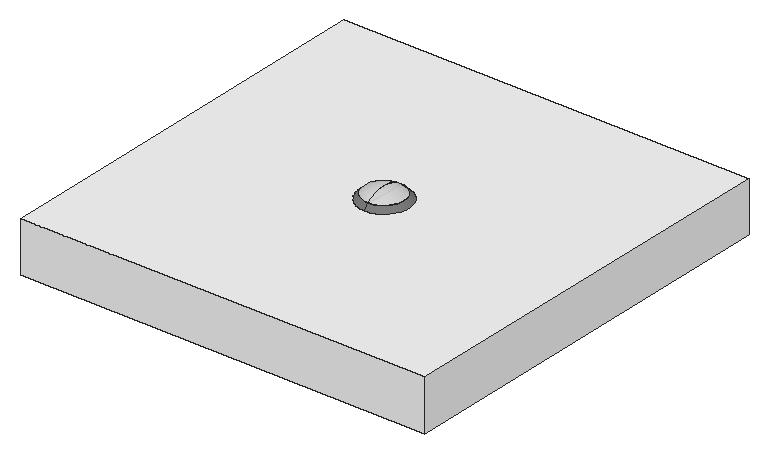
Revit family "Sarlam_Eclairage_Hublot_Chartres_Infini_T1_Diam_300mm_2000Lm", category Luminaires, Revit 2020
Family settings
  Hôte = Face
  Cote de connecteur circulaire = Utiliser le diamètre
  Type d'élément = Normal
  Couper avec des vides une fois chargée = Non
  Source d'éclairage = Oui
  Partagée = Non
  Point de calcul de pièce = Non
Parameters (values of type "Détection+Horloge ANTHRACITE")
  Zone plafond formes 1à7 [instance] = and(not(Diamètre externe = 328 mm), or([Standard Formes 1-3-6]), not([Afficher la zone de détection-pose murale]), [Afficher la zone de détection-pose plafond])  # no
  Zone murale formes 1à7 [instance] = and(not(Diamètre externe = 328 mm), or([Standard Formes 1-3-6]), [Afficher la zone de détection-pose murale], not([Afficher la zone de détection-pose plafond]))  # no
  Zone de détection = "Détection à 2,5m haut Plafond: Ø6m maxi Mur: Ellipse 16*17m"
  URL = "http://www.legrandoc.com/SL532077"
  Type de variation = "Autre"
  Type de tension = "CA"
  Tension nominale (Un) V MIN = 207
  Tension nominale (Un) V MAX = 253
  built-in parameter 1150107 = 3200 (stored number, unit not read)
  Température de couleur K MIN = 4000
  Température de couleur K MAX = 4000
  Standard Formes 1-3-6 = yes
  Source lumineuse = "Led non interchangeable"
  Répartition lumineuse = "Symétrique"
  Puissance du système W = 28
  Puissance de la source lumineuse W = ""
  Puissance de la lampe en Multiwatt = "21/39W"
  Wattage = 9.2903 W
  built-in parameter 1150110 = 1 (stored number, unit not read)
  built-in parameter 1150109 = 1 (stored number, unit not read)
  built-in parameter 1114218 = 1 (stored number, unit not read)
  built-in parameter 1150113 = 1 (stored number, unit not read)
  built-in parameter 1150112 = 1 (stored number, unit not read)
  built-in parameter 1150137 = (empty or 0)
  built-in parameter 1150132 = (empty or 0)
  Modèle = "SL-532077"
  Longueur d'encastrement = 0 mm
  Longueur = 300 mm
  Largeur d'encastrement = 300 mm
  Largeur = 300 mm
  built-in parameter 1150105 = 419.79 (stored number, unit not read)
  built-in parameter 1150102 = (empty or 0)
  Hauteur/profondeur d'encastrement = 0 mm
  Hauteur/profondeur = 70 mm
  Dimming Lamp Color Temperature Shift = (empty or 0)
  Lumens = 1380 lm
  Color Filter = 16777215
  Fichier de distribution photométrique = "SL532018.ies"
  built-in parameter 1114217 = 1 (stored number, unit not read)
  built-in parameter 1150139 = (empty or 0)
  Fabricant = "LEGRAND"
  Emettre à partir du diamètre du cercle = 200 mm
  Emettre la visibilité des formes dans le rendu = no
  built-in parameter 1150104 = 13.8 (stored number, unit not read)
  built-in parameter 1150106 = 4.1979 (stored number, unit not read)
  built-in parameter 1150115 = 1 (stored number, unit not read)
  built-in parameter 1150114 = 1 (stored number, unit not read)
  Diamètre externe = 300 mm
  Diamètre d'encastrement = 0 mm
  Description = "CHARTRES INFINI 2000LM 4000K  STD DETECTION HF + HORLOGE ANTHRACITE"
  built-in parameter 1150138 = (empty or 0)
  built-in parameter 1150134 = 3
  Condition Générale d'Utilisation = "https://export.legrand.com/CGU-objets-BIM"
  Angle de l'inclinaison = 0.00°
  Afficher la zone de détection-pose plafond [instance] = no
  Afficher la zone de détection-pose murale [instance] = no
  Matériau du boîtier/corps = Plastique
  Indice de rendu des couleurs CRI = "80-89"
  Indice de protection contre les chocs (IK) = "IK10"
  Indice de protection (IP) = "IP55"
  Flux lumineux utile lm = 2000
  Elévation par défaut = 2500 mm
  Douille = "Sans"
  Courant nominal mA MIN = 110
  Courant nominal mA MAX = 135
  Couleur du boîtier/corps = LEGRAND - Anthracite
  Classe de protection = "II"
  Avec détecteur de mouvement = yes
  Avec détecteur crépusculaire = yes
  Appareillage = "Appareil à LED commandé en courant"
  Angle du faisceau = "Faisceau libre"
  Afficher l'étiquette de zone [instance] = no
  Adapté à une suspension = no
  Adapté à un montage encastré = no
  Adapté à un montage en saillie = yes
  Adapté à un montage en applique = yes
  Adapté à un montage au plafond = yes
  built-in parameter 1150133 = 10 (stored number, unit not read)
Types (12, lengths in mm): name | Zone de détection | URL | Type de variation | Puissance du système W | Modèle | Description | Courant nominal mA MIN | Courant nominal mA MAX | Couleur du boîtier/corps | Avec détecteur de mouvement | Avec détecteur crépusculaire
  ON/OFF BLANC | "" | "http://www.legrandoc.com/SL532018" | "Non régulable" | 27 | "SL-532018" | "CHARTRES INFINI 2000LM 4000K STANDARD ON/OFF BLANC" | 106 | 131 | LEGRAND - Blanc | no | no
  ON/OFF ANTHRACITE | "" | "http://www.legrandoc.com/SL532019" | "Non régulable" | 27 | "SL-532019" | "CHARTRES INFINI 2000LM 4000K STANDARD ON/OFF ANTHRACITE" | 106 | 131 | LEGRAND - Anthracite | no | no
  ON/OFF GRIS METAL | "" | "http://www.legrandoc.com/SL532020" | "Non régulable" | 27 | "SL-532020" | "CHARTRES INFINI 2000LM 4000K STANDARD ON/OFF GRIS METAL" | 106 | 131 | LEGRAND - Gris métal | no | no
  Détection BLANC | "Détection à 2,5m haut Plafond: Ø6m maxi Mur: Ellipse 16*17m" | "http://www.legrandoc.com/SL532058" | "Autre" | 28 | "SL-532058" | "CHARTRES INFINI 2000LM 4000K  STANDARD DETECTION HF BLANC" | 110 | 135 | LEGRAND - Blanc | yes | yes
  Détection ANTHRACITE | "Détection à 2,5m haut Plafond: Ø6m maxi Mur: Ellipse 16*17m" | "http://www.legrandoc.com/SL532059" | "Autre" | 28 | "SL-532059" | "CHARTRES INFINI 2000LM 4000K  STANDARD DETECTION HF ANTHRACITE" | 110 | 135 | LEGRAND - Anthracite | yes | yes
  Détection GRIS METAL | "Détection à 2,5m haut Plafond: Ø6m maxi Mur: Ellipse 16*17m" | "http://www.legrandoc.com/SL532060" | "Autre" | 28 | "SL-532060" | "CHARTRES INFINI 2000LM 4000K  STANDARD DETECTION HF GRIS METAL" | 110 | 135 | LEGRAND - Gris métal | yes | yes
  Détection+Horloge BLANC | "Détection à 2,5m haut Plafond: Ø6m maxi Mur: Ellipse 16*17m" | "http://www.legrandoc.com/SL532076" | "Autre" | 28 | "SL-532076" | "CHARTRES INFINI 2000LM 4000K  STD DETECTION HF + HORLOGE BLANC" | 110 | 135 | LEGRAND - Blanc | yes | yes
  Détection+Horloge ANTHRACITE | "Détection à 2,5m haut Plafond: Ø6m maxi Mur: Ellipse 16*17m" | "http://www.legrandoc.com/SL532077" | "Autre" | 28 | "SL-532077" | "CHARTRES INFINI 2000LM 4000K  STD DETECTION HF + HORLOGE ANTHRACITE" | 110 | 135 | LEGRAND - Anthracite | yes | yes
  Détection+Horloge GRIS METAL | "Détection à 2,5m haut Plafond: Ø6m maxi Mur: Ellipse 16*17m" | "http://www.legrandoc.com/SL532078" | "Autre" | 28 | "SL-532078" | "CHARTRES INFINI 2000LM 4000K  STD DETECTION HF + HORLOGE GRIS METAL" | 110 | 135 | LEGRAND - Gris métal | yes | yes
  Double niveau/Minuterie BLANC | "" | "http://www.legrandoc.com/SL532093" | "Autre" | 28 | "SL-532093" | "CHARTRES INFINI 2000LM 4000K STD DOUBLE NIVEAU/MINUTERIE BLANC" | 110 | 135 | LEGRAND - Blanc | no | no
  Double niveau/Minuterie ANTHRACITE | "" | "http://www.legrandoc.com/SL532094" | "Autre" | 28 | "SL-532094" | "CHARTRES INFINI 2000LM 4000K  STD DOUBLE NIVEAU/MINUTERIE ANTHRACITE" | 110 | 135 | LEGRAND - Anthracite | no | no
  Double niveau/Minuterie GRIS METAL | "" | "http://www.legrandoc.com/SL532095" | "Autre" | 28 | "SL-532095" | "CHARTRES INFINI 2000LM 4000K STD DOUBLE NIVEAU/MINUTERIE GRIS METAL" | 110 | 135 | LEGRAND - Gris métal | no | no
Reference planes
  plane 1 "Centre (avant/arrière)": y = 0
  plane 2: z = 0
  plane 3 "Centre (gauche/droite)": x = 0
  plane 4: z = 90
Forms (mm)
  Extrusion 1, solid, material "Blanc"
    sketch origin (0, 0, 0) x (1, 0, 0) y (0, 1, 0)
      loop
        line (-1219.2, 1219.2) -> (-1219.2, -1219.2) -> (1219.2, -1219.2) -> (1219.2, 1219.2) -> (-1219.2, 1219.2)
    from 0 to -304.8
Lines and regions (mm)
  model lines, style "LightingFixtures", not visible
    curve 1: line (0, 0, 0) -> (0, 0, 2230)
    curve 2: line (0, 0, 0) -> (0, 3300, 0)
    curve 3: line (0, 0, 0) -> (-2620, 0, 0)
Dimensions and locks
  level to plane 4 = 90 mm
  aligned and locked: plane 2 to Extrusion 1
  aligned and locked: level to Extrusion 1
  aligned and locked: imposter light to plane 4
  aligned and locked: plane 3 "Centre (gauche/droite)" to imposter light
Nested families
  nested 1: "Zone de détection murale Chartres-Astreo" at (0, 0, 0) x (0, 0, 1) z (0, -1, 0), visible <- "Afficher la zone de détection-pose murale", type "Zone de détection murale"
  nested 2: "Formes 1-2-3-4-6-7-8-9" at (0, 0, 0), type "Formes"
    with Standard Formes 1-3-6 yes, Fl 70 mm, Dimension hublot 121.1 mm, Diamètre total 300 mm, Courbure 195.7 mm
  nested 3: "Zone de détection plafond Chartres-Astreo" at (0, 0, 2500), visible <- "Afficher la zone de détection-pose plafond", type "Zone de détection plafond"
    with Zone plafond Formes 8à9 no
  nested 4: "Zone de détection murale Chartres-Astreo" at (0, 0, 0) x (0, 0, 1) z (1, 0, 0), visible <- "Afficher la zone de détection-pose murale", type "Zone de détection murale"
  nested 5: "Etiquette de zone" at (-13.45, 203.791, 0) x (-1, 0, 0) z (0, 0, 1), visible <- "Afficher l'étiquette de zone", type "Etiquette de zone"
Connectors
  electrical at (0, 0, 0)
    settings: on nested 2, index 1, voltage 230 V, apparent load 0 VA, apparent load phase1 0 VA, apparent load phase2 0 VA, apparent load phase3 0 VA, power factor 1, load classification "Eclairage", number of poles 1, system type 30, power factor state 1, is connector primary yes, connector utility no, sub classification motor no, connector description ""
Definition of nested family "Formes 1-2-3-4-6-7-8-9"
  Parameters (values of type "Formes")
    Standard Forme 8 = no
    Standard Formes 1-3-6 = no
    Matériau hublot = none
    Matériau corps = none
    Fl = if(Diamètre total < 325 mm, 70 mm, if(Diamètre total = 328 mm, 107 mm, 90 mm))  # 107 mm
    Default Elevation = 0 mm
    Dimension hublot = if(Diamètre total = 300 mm, 121.1 mm, if(Diamètre total = 322 mm, 129.3 mm, if(Diamètre total = 328 mm, 148.6 mm, if(Diamètre total = 420 mm, 179.2 mm, 185.3 mm))))  # 148.6 mm
    Diamètre total = 328 mm
    Courbure = if(Diamètre total = 300 mm, 195.7 mm, if(Diamètre total = 322 mm, 220.2 mm, if(Diamètre total = 328 mm, 179.2 mm, if(Diamètre total = 420 mm, 290 mm, 307.8 mm))))  # 179.2 mm
    Couleur corps = none
    Antivandale Forme 9 = no
    Antivandale Formes 2-4-7 = no
  Reference planes
    plane 1 "Centre (avant/arrière)": y = 0
    plane 2: z = 0
    plane 3 "Centre (gauche/droite)": x = 0
    plane 4: y = 164
    plane 5: y = -164
    plane 6: y = 148.6
  Forms (mm)
    Revolve 1, solid, material <- "Matériau hublot"
      sketch origin (0, 0, 0) x (0, 0, -1) y (0, 1, 0)
        loop
          arc (-28, 148.6) -> (-86.03, 84.151) -> (-107, 0) r 179.2
          line (-107, 0) -> (-28, 0) -> (-28, 148.6)
        axis (-28, 0) -> (-107, 0)
      angle from 0 to 360
  Dimensions and locks
    equal spacing: plane 4, plane 1 "Centre (avant/arrière)", plane 5
    "Diamètre total": plane 4 to plane 5
    equal spacing: plane 5, plane 1 "Centre (avant/arrière)", plane 4
    "Dimension hublot": plane 1 "Centre (avant/arrière)" to plane 6
    "Fl": Revolve 1 sketch curve to plane 2
    "Courbure": radius of Revolve 1 sketch curve
    aligned and locked: level to plane 2
    aligned and locked: plane 6 to Revolve 1 sketch curve
    aligned and locked: plane 2 to nested 2
  Automatic sketch dimensions
    Revolve 1 sketch curve to plane 1 "Centre (avant/arrière)" = 0 mm  (x2)
    level to Revolve 1 sketch curve = 28 mm
    Revolve 1 sketch curve to Revolve 1 sketch curve = 1811.469 mm
    Revolve 1 sketch curve to Revolve 1 sketch curve = 1147.22 mm
  Nested families
    nested 1: "Corps standard Formes 1-3-6" at (0, 0, 0), visible <- "Standard Formes 1-3-6", type "Corps standard Formes 1-3-6"
      with Diamètre 328 mm
    nested 2: "Corps antivandale Formes 2-4-7" at (0, 0, 0), visible <- "Antivandale Formes 2-4-7", type "Corps antivandale Formes 2-4-7"
      with Diamètre 328 mm
    nested 3: "Corps standard Forme 8" at (0, 0, 0), visible <- "Standard Forme 8", type "Corps standard Forme 8"
    nested 4: "Corps antivandale Forme 9" at (0, 0, 0), visible <- "Antivandale Forme 9", type "Corps antivandale Forme 9"
  Definition of nested family "Corps standard Formes 1-3-6"
    Parameters (values of type "Corps standard")
      Matériau corps = none
      Default Elevation = 0 mm
      Couleur corps = none
      Diamètre = 322 mm
      Courbure = if(Diamètre < 400 mm, 195.7 mm, 290 mm)  # 195.7 mm
    Reference planes
      plane 1 "Centre (avant/arrière)": y = 0
      plane 2: z = 0
      plane 3 "Centre (gauche/droite)": x = 0
      plane 4: y = 161
      plane 5: y = -161
      plane 6: z = 28
    Forms (mm)
      Revolve 1, solid, material <- "Couleur corps"
        sketch origin (0, 0, 0) x (0, 0, -1) y (0, 1, 0)
          loop
            line (0, 0) -> (0, 161)
            arc (0, 161) -> (-14.55, 149.906) -> (-28, 137.502) r 195.7
            line (-28, 137.502) -> (-28, 0) -> (0, 0)
          axis (0, 0) -> (-28, 0)
        angle from 0 to 360
    Dimensions and locks
      equal spacing: plane 4, plane 1 "Centre (avant/arrière)", plane 5
      "Diamètre": plane 4 to plane 5
      equal spacing: plane 5, plane 1 "Centre (avant/arrière)", plane 4
      "Courbure": radius of Revolve 1 sketch curve
      aligned and locked: level to plane 2
      aligned and locked: plane 2 to Revolve 1  (x2)
      aligned and locked: Revolve 1 to plane 2
      aligned and locked: plane 6 to Revolve 1
    Automatic sketch dimensions
      Revolve 1 sketch curve to plane 1 "Centre (avant/arrière)" = 0 mm  (x3)
      Revolve 1 sketch curve to plane 6 = 0 mm
      Revolve 1 sketch curve to level = 0 mm
      Revolve 1 sketch curve to plane 4 = 0 mm
      plane 6 to Revolve 1 sketch curve = 1833.51 mm
      Revolve 1 sketch curve to Revolve 1 sketch curve = 1167.217 mm
  Definition of nested family "Corps antivandale Formes 2-4-7"
    Parameters (values of type "Corps antivandale")
      Rayon réseau vis = if(Diamètre < 400 mm, 137.2 mm, 193.2 mm)  # 137.2 mm
      Matériau corps = none
      Default Elevation = 0 mm
      Diamètre = 322 mm
      Courbure = if(Diamètre < 400 mm, 220.2 mm, 307.8 mm)  # 220.2 mm
      Couleur corps = none
    Reference planes
      plane 1 "Centre (avant/arrière)": y = 0
      plane 2: z = 0
      plane 3 "Centre (gauche/droite)": x = 0
      plane 4: y = 161
      plane 5: y = -161
      plane 6: z = 28
      plane 7: through (0, 0, 1200) normal (0.5, 0.866, 0)
      plane 8: through (0, 0, 1200) normal (0.5, -0.866, 0)
    Forms (mm)
      Revolve 1, solid, material <- "Couleur corps"
        sketch origin (0, 0, 0) x (0, 0, -1) y (0, 1, 0)
          loop
            line (0, 0) -> (0, 161)
            arc (0, 161) -> (-14.762, 145.835) -> (-28, 129.323) r 220.2
            line (-28, 129.323) -> (-28, 0) -> (0, 0)
          axis (0, 0) -> (-28, 0)
        angle from 0 to 360
      Extrusion 2, solid, material <- "Couleur corps"
        sketch origin (0, -0.04, 0) x (1, 0, 0) y (0, 1, 0)
          loop
            line (-4, 129.32) -> (-4, 137.3)
            arc (-4, 137.3) -> (0, 141.3) -> (4, 137.3) r 4
            line (4, 137.3) -> (4, 129.32)
            arc (4, 129.32) -> (5, 129.285) -> (6, 129.243) r 129.323
            line (6, 129.243) -> (6, 137.3)
            arc (6, 137.3) -> (0, 143.3) -> (-6, 137.3) r 6
            line (-6, 137.3) -> (-6, 129.243)
            arc (-6, 129.243) -> (-5, 129.285) -> (-4, 129.32) r 129.323
        from 15.189 to 28
      Extrusion 3, solid, material <- "Couleur corps"
        sketch origin (-0.035, 0.02, 0) x (-0.5, -0.866025, 0) y (0.866025, -0.5, 0)
          loop
            line (-4, 129.32) -> (-4, 137.3)
            arc (-4, 137.3) -> (0, 141.3) -> (4, 137.3) r 4
            line (4, 137.3) -> (4, 129.32)
            arc (4, 129.32) -> (5, 129.285) -> (6, 129.243) r 129.323
            line (6, 129.243) -> (6, 137.3)
            arc (6, 137.3) -> (0, 143.3) -> (-6, 137.3) r 6
            line (-6, 137.3) -> (-6, 129.243)
            arc (-6, 129.243) -> (-5, 129.285) -> (-4, 129.32) r 129.323
        from 15.189 to 28
      Extrusion 4, solid, material <- "Couleur corps"
        sketch origin (0.035, 0.02, 0) x (-0.5, 0.866025, 0) y (-0.866025, -0.5, 0)
          loop
            line (-4, 129.32) -> (-4, 137.3)
            arc (-4, 137.3) -> (0, 141.3) -> (4, 137.3) r 4
            line (4, 137.3) -> (4, 129.32)
            arc (4, 129.32) -> (5, 129.285) -> (6, 129.243) r 129.323
            line (6, 129.243) -> (6, 137.3)
            arc (6, 137.3) -> (0, 143.3) -> (-6, 137.3) r 6
            line (-6, 137.3) -> (-6, 129.243)
            arc (-6, 129.243) -> (-5, 129.285) -> (-4, 129.32) r 129.323
        from 15.189 to 28
      Revolve 5, solid
        sketch origin (0, 0.018, -12.656) x (0, 1, 0) y (0, 0, 1)
          loop
            line (136.525, 38.942) -> (136.525, 29.094) -> (136.962, 29.907) -> (137.751, 35.518) -> (140.148, 38.942) -> (136.525, 38.942)
          axis (136.525, 29.094) -> (136.525, 38.942)
        angle from 0 to 360
      Revolve 6, solid
        sketch origin (0.016, -0.009, -12.656) x (0.866025, -0.5, 0) y (0, 0, 1)
          loop
            line (136.525, 38.942) -> (136.525, 29.094) -> (136.962, 29.907) -> (137.751, 35.518) -> (140.148, 38.942) -> (136.525, 38.942)
          axis (136.525, 29.094) -> (136.525, 38.942)
        angle from 0 to 360
      Revolve 7, solid
        sketch origin (-0.016, -0.009, -12.656) x (-0.866025, -0.5, 0) y (0, 0, 1)
          loop
            line (136.525, 38.942) -> (136.525, 29.094) -> (136.962, 29.907) -> (137.751, 35.518) -> (140.148, 38.942) -> (136.525, 38.942)
          axis (136.525, 29.094) -> (136.525, 38.942)
        angle from 0 to 360
    Cuts and joins
      joined: Revolve 1, Extrusion 2
    Lines and regions (mm)
      model lines
        curve 1: line (-2.5, 136.543, 26.285) -> (2.5, 136.543, 26.285)
        curve 2: line (0, 138.995, 26.285) -> (0, 133.995, 26.285)
        curve 3: line (119.5, -66.107, 26.285) -> (117, -70.437, 26.285)
        curve 4: line (120.373, -69.497, 26.285) -> (116.043, -66.997, 26.285)
        curve 5: line (-117, -70.437, 26.285) -> (-119.5, -66.107, 26.285)
        curve 6: line (-120.373, -69.497, 26.285) -> (-116.043, -66.997, 26.285)
    Dimensions and locks
      equal spacing: plane 4, plane 1 "Centre (avant/arrière)", plane 5
      "Diamètre": plane 4 to plane 5
      equal spacing: plane 5, plane 1 "Centre (avant/arrière)", plane 4
      "Courbure": radius of Revolve 1 sketch curve
      "Rayon réseau vis": radius of radial array
      aligned and locked: level to plane 2
      aligned and locked: plane 2 to Revolve 1  (x2)
      aligned and locked: Revolve 1 to plane 2
      aligned and locked: plane 6 to Revolve 1
    Automatic sketch dimensions
      Extrusion 2 sketch curve to Extrusion 2 sketch curve = 0 mm  (x9)
      Extrusion 2 sketch curve to Extrusion 2 sketch curve = 7.98 mm
      Extrusion 2 sketch curve to Extrusion 2 sketch curve = 0.077 mm
      Extrusion 2 sketch curve to Extrusion 2 sketch curve = 2 mm
      Extrusion 2 sketch curve to Extrusion 2 sketch curve = 4 mm
      Extrusion 2 sketch curve to Extrusion 2 sketch curve = 6 mm
      Extrusion 3 sketch curve to Extrusion 3 sketch curve = 0 mm  (x9)
      Extrusion 3 sketch curve to Extrusion 3 sketch curve = 7.98 mm
      Extrusion 3 sketch curve to Extrusion 3 sketch curve = 0.077 mm
      Extrusion 3 sketch curve to Extrusion 3 sketch curve = 2 mm
      Extrusion 3 sketch curve to Extrusion 3 sketch curve = 4 mm
      Extrusion 3 sketch curve to Extrusion 3 sketch curve = 6 mm
      Extrusion 4 sketch curve to Extrusion 4 sketch curve = 0 mm  (x9)
      Extrusion 4 sketch curve to Extrusion 4 sketch curve = 7.98 mm
      Extrusion 4 sketch curve to Extrusion 4 sketch curve = 0.077 mm
      Extrusion 4 sketch curve to Extrusion 4 sketch curve = 2 mm
      Extrusion 4 sketch curve to Extrusion 4 sketch curve = 4 mm
      Extrusion 4 sketch curve to Extrusion 4 sketch curve = 6 mm
      Revolve 7 sketch curve to Revolve 7 sketch curve = 0.437 mm  (x2)
      Revolve 7 sketch curve to Revolve 7 sketch curve = 1.226 mm  (x2)
      Revolve 7 sketch curve to Revolve 7 sketch curve = 2.397 mm
      Revolve 7 sketch curve to Revolve 7 sketch curve = 0.813 mm  (x2)
      Revolve 7 sketch curve to Revolve 7 sketch curve = 5.611 mm  (x2)
      Revolve 7 sketch curve to Revolve 7 sketch curve = 3.424 mm  (x2)
      Revolve 7 sketch curve to Revolve 7 sketch curve = 0 mm  (x2)
      Revolve 7 sketch curve to Revolve 7 sketch curve = 0.975 mm
      Revolve 7 sketch curve to Revolve 7 sketch curve = 3.281 mm  (x2)
      Revolve 5 sketch curve to Revolve 5 sketch curve = 0.437 mm  (x2)
      Revolve 5 sketch curve to Revolve 5 sketch curve = 1.226 mm  (x2)
      Revolve 5 sketch curve to Revolve 5 sketch curve = 3.623 mm
      Revolve 5 sketch curve to Revolve 5 sketch curve = 5.611 mm  (x2)
      Revolve 5 sketch curve to Revolve 5 sketch curve = 3.424 mm  (x2)
      Revolve 5 sketch curve to Revolve 5 sketch curve = 0 mm  (x2)
      Revolve 5 sketch curve to Revolve 5 sketch curve = 0.813 mm  (x2)
      Revolve 5 sketch curve to Revolve 5 sketch curve = 0.162 mm
      Revolve 5 sketch curve to Revolve 5 sketch curve = 3.281 mm  (x2)
      Revolve 6 sketch curve to Revolve 6 sketch curve = 0.437 mm  (x2)
      Revolve 6 sketch curve to Revolve 6 sketch curve = 1.226 mm  (x2)
      Revolve 6 sketch curve to Revolve 6 sketch curve = 3.623 mm
      Revolve 6 sketch curve to Revolve 6 sketch curve = 5.611 mm  (x2)
      Revolve 6 sketch curve to Revolve 6 sketch curve = 3.424 mm  (x2)
      Revolve 6 sketch curve to Revolve 6 sketch curve = 0 mm  (x2)
      Revolve 6 sketch curve to Revolve 6 sketch curve = 0.813 mm  (x2)
      Revolve 6 sketch curve to Revolve 6 sketch curve = 0.162 mm
      Revolve 6 sketch curve to Revolve 6 sketch curve = 3.281 mm  (x2)
      Revolve 7 sketch curve to Revolve 7 sketch curve = 3.623 mm
      Revolve 7 sketch curve to Revolve 7 sketch curve = 0.162 mm
      curve 2 to Revolve 5 = 0 mm
      curve 2 to curve 1 = 2.548 mm
      curve 1 to curve 2 = 2.452 mm
      Revolve 5 to curve 1 = 2.5 mm
      curve 1 to Revolve 5 = 2.5 mm
      curve 4 to Revolve 6 = 0 mm
      curve 4 to curve 3 = 2.548 mm
      curve 3 to curve 4 = 2.452 mm
      Revolve 6 to curve 3 = 2.5 mm
      curve 3 to Revolve 6 = 2.5 mm
      curve 6 to Revolve 7 = 0 mm
      curve 6 to curve 5 = 2.548 mm
      curve 5 to curve 6 = 2.452 mm
      Revolve 7 to curve 5 = 2.5 mm
      curve 5 to Revolve 7 = 2.5 mm
      Revolve 5 sketch curve to Revolve 5 sketch curve = 2.397 mm
      Revolve 5 sketch curve to Revolve 5 sketch curve = 0.975 mm
      Revolve 6 sketch curve to Revolve 6 sketch curve = 2.397 mm
      Revolve 6 sketch curve to Revolve 6 sketch curve = 0.975 mm
      Revolve 1 sketch curve to plane 1 "Centre (avant/arrière)" = 0 mm  (x3)
      Revolve 1 sketch curve to plane 6 = 0 mm
      Revolve 1 sketch curve to level = 0 mm
      Revolve 1 sketch curve to plane 4 = 0 mm
      plane 6 to Revolve 1 sketch curve = 1833.51 mm
      Revolve 1 sketch curve to Revolve 1 sketch curve = 1128.321 mm
  Definition of nested family "Corps standard Forme 8"
    Parameters (values of type "Corps standard Forme 8")
      Matériau corps = none
      Default Elevation = 0 mm
      Couleur corps = none
      Diamètre = 328 mm
    Reference planes
      plane 1 "Centre (avant/arrière)": y = 0
      plane 2: z = 0
      plane 3 "Centre (gauche/droite)": x = 0
      plane 4: y = 164
      plane 5: y = -164
      plane 6: z = 28
      plane 7: y = 7.5
      plane 8: y = -7.5
    Forms (mm)
      Revolve 1, solid, material <- "Couleur corps"
        sketch origin (0, 0, 0) x (0, 0, -1) y (0, 1, 0)
          loop
            line (0, 0) -> (0, 164)
            arc (0, 164) -> (-14.345, 156.905) -> (-28, 148.559) r 179.182
            line (-28, 148.559) -> (-28, 0) -> (0, 0)
          axis (0, 0) -> (-28, 0)
        angle from 0 to 360
      Sweep 2, void
        path origin (0, 0, 0) x (1, 0, 0) y (0, 1, 0)
          loop
            arc (153.049, 7.5) -> (0, 153.232) -> (-153.049, 7.5) r 153.232
        profile origin (0, 153.232, 0) x (0, -1, 0) y (0, 0, 1)
          loop
            line (-5.469, 6.213) -> (-10.469, 16.465) -> (-10.469, 6.213) -> (-5.469, 6.213)
      Sweep 3, void
        path origin (0, 0, 0) x (1, 0, 0) y (0, 1, 0)
          loop
            arc (153.049, 7.5) -> (0, 153.232) -> (-153.049, 7.5) r 153.232
        profile origin (0, 153.232, 0) x (0, -1, 0) y (0, 0, 1)
          loop
            line (-1.643, 13.471) -> (-6.643, 23.723) -> (-6.643, 13.471) -> (-1.643, 13.471)
      Sweep 4, void
        path origin (0, 0, 0) x (1, 0, 0) y (0, -1, 0)
          loop
            arc (153.049, 7.5) -> (0, 153.232) -> (-153.049, 7.5) r 153.232
        profile origin (0, -153.232, 0) x (0, -1, 0) y (0, 0, 1)
          loop
            line (1.643, 13.471) -> (6.643, 13.471) -> (6.643, 23.723) -> (1.643, 13.471)
      Sweep 5, void
        path origin (0, 0, 0) x (1, 0, 0) y (0, -1, 0)
          loop
            arc (153.049, 7.5) -> (0, 153.232) -> (-153.049, 7.5) r 153.232
        profile origin (0, -153.232, 0) x (0, -1, 0) y (0, 0, 1)
          loop
            line (5.469, 6.213) -> (10.469, 6.213) -> (10.469, 16.465) -> (5.469, 6.213)
    Cuts and joins
      Sweep 2, Sweep 3, Sweep 4, Sweep 5 cuts Revolve 1
    Dimensions and locks
      equal spacing: plane 4, plane 1 "Centre (avant/arrière)", plane 5
      "Diamètre": plane 4 to plane 5
      equal spacing: plane 5, plane 1 "Centre (avant/arrière)", plane 4
      aligned and locked: level to plane 2
      aligned and locked: plane 2 to Revolve 1  (x2)
      aligned and locked: Revolve 1 to plane 2
      aligned and locked: plane 6 to Revolve 1
    Automatic sketch dimensions
      Sweep 2 sketch curve to plane 7 = 0 mm  (x2)
      plane 1 "Centre (avant/arrière)" to Sweep 2 sketch curve = 0 mm
      Sweep 2 sketch curve to plane 3 "Centre (gauche/droite)" = 0 mm
      Sweep 2 sketch curve to plane 3 "Centre (gauche/droite)" = 153.049 mm
      Sweep 3 sketch curve to plane 7 = 0 mm  (x2)
      plane 1 "Centre (avant/arrière)" to Sweep 3 sketch curve = 0 mm
      Sweep 3 sketch curve to plane 3 "Centre (gauche/droite)" = 0 mm
      Sweep 3 sketch curve to plane 3 "Centre (gauche/droite)" = 153.049 mm
      Sweep 4 sketch curve to plane 8 = 0 mm  (x2)
      plane 1 "Centre (avant/arrière)" to Sweep 4 sketch curve = 0 mm
      Sweep 4 sketch curve to plane 3 "Centre (gauche/droite)" = 0 mm
      plane 3 "Centre (gauche/droite)" to Sweep 4 sketch curve = 153.049 mm
      Sweep 5 sketch curve to plane 8 = 0 mm  (x2)
      plane 1 "Centre (avant/arrière)" to Sweep 5 sketch curve = 0 mm
      Sweep 5 sketch curve to plane 3 "Centre (gauche/droite)" = 0 mm
      plane 3 "Centre (gauche/droite)" to Sweep 5 sketch curve = 153.049 mm
      Revolve 1 sketch curve to plane 1 "Centre (avant/arrière)" = 0 mm  (x3)
      Revolve 1 sketch curve to plane 6 = 0 mm
      Revolve 1 sketch curve to level = 0 mm
      Revolve 1 sketch curve to plane 4 = 0 mm
      Revolve 1 sketch curve to Revolve 1 sketch curve = 72.182 mm
      plane 6 to Revolve 1 sketch curve = 1833.51 mm
      Revolve 1 sketch curve to Revolve 1 sketch curve = 1201.817 mm
      profile plane to Sweep 2 sketch curve = 10.469 mm
      Sweep 2 sketch curve to Sweep 2 sketch curve = 5 mm
      level to Sweep 2 sketch curve = 6.213 mm
      Sweep 2 sketch curve to Sweep 2 sketch curve = 10.252 mm
      profile plane to Sweep 3 sketch curve = 6.643 mm
      profile plane to Sweep 3 sketch curve = 1.643 mm
      level to Sweep 3 sketch curve = 13.471 mm
      Sweep 3 sketch curve to Sweep 3 sketch curve = 10.252 mm
      Sweep 4 sketch curve to profile plane = 1.643 mm
      Sweep 4 sketch curve to profile plane = 6.643 mm
      level to Sweep 4 sketch curve = 13.471 mm
      Sweep 4 sketch curve to Sweep 4 sketch curve = 10.252 mm
      Sweep 5 sketch curve to profile plane = 5.469 mm
      Sweep 5 sketch curve to profile plane = 10.469 mm
      level to Sweep 5 sketch curve = 6.213 mm
      Sweep 5 sketch curve to Sweep 5 sketch curve = 10.252 mm
  Definition of nested family "Corps antivandale Forme 9"
    Parameters (values of type "Corps antivandale Forme 9")
      Matériau corps = none
      Default Elevation = 0 mm
      Couleur corps = none
      Diamètre = 328 mm
    Reference planes
      plane 1 "Centre (avant/arrière)": y = 0
      plane 2: z = 0
      plane 3 "Centre (gauche/droite)": x = 0
      plane 4: y = 164
      plane 5: y = -164
      plane 6: z = 28
      plane 7: y = 7.5
      plane 8: y = -7.5
    Forms (mm)
      Revolve 1, solid, material <- "Couleur corps"
        sketch origin (0, 0, 0) x (0, 0, -1) y (0, 1, 0)
          loop
            line (0, 0) -> (0, 164)
            arc (0, 164) -> (-14.345, 156.905) -> (-28, 148.559) r 179.182
            line (-28, 148.559) -> (-28, 0) -> (0, 0)
          axis (0, 0) -> (-28, 0)
        angle from 0 to 360
      Extrusion 2, void
        sketch origin (-1.406, 0, 0) x (1, 0, 0) y (0, 1, 0)
          loop
            circle (157.486, 0) r 5
        from 5.665 to 28
      Sweep 3, void
        path origin (0, 0, 0) x (1, 0, 0) y (0, 1, 0)
          loop
            arc (153.049, 7.5) -> (0, 153.232) -> (-153.049, 7.5) r 153.232
        profile origin (0, 153.232, 0) x (0, -1, 0) y (0, 0, 1)
          loop
            line (-5.469, 6.213) -> (-10.469, 16.465) -> (-10.469, 6.213) -> (-5.469, 6.213)
      Extrusion 4, void
        sketch origin (1.406, 0, 0) x (-1, 0, 0) y (0, -1, 0)
          loop
            circle (157.486, 0) r 5
        from 5.665 to 28
      Sweep 5, void
        path origin (0, 0, 0) x (1, 0, 0) y (0, 1, 0)
          loop
            arc (153.049, 7.5) -> (0, 153.232) -> (-153.049, 7.5) r 153.232
        profile origin (0, 153.232, 0) x (0, -1, 0) y (0, 0, 1)
          loop
            line (-1.643, 13.471) -> (-6.643, 23.723) -> (-6.643, 13.471) -> (-1.643, 13.471)
      Sweep 6, void
        path origin (0, 0, 0) x (1, 0, 0) y (0, -1, 0)
          loop
            arc (153.049, 7.5) -> (0, 153.232) -> (-153.049, 7.5) r 153.232
        profile origin (0, -153.232, 0) x (0, -1, 0) y (0, 0, 1)
          loop
            line (1.643, 13.471) -> (6.643, 13.471) -> (6.643, 23.723) -> (1.643, 13.471)
      Sweep 7, void
        path origin (0, 0, 0) x (1, 0, 0) y (0, -1, 0)
          loop
            arc (153.049, 7.5) -> (0, 153.232) -> (-153.049, 7.5) r 153.232
        profile origin (0, -153.232, 0) x (0, -1, 0) y (0, 0, 1)
          loop
            line (5.469, 6.213) -> (10.469, 6.213) -> (10.469, 16.465) -> (5.469, 6.213)
      Revolve 8, solid
        sketch origin (-156.149, -136.533, -30.469) x (0, 1, 0) y (0, 0, 1)
          loop
            line (136.525, 38.942) -> (136.525, 31.651) -> (137.319, 32.445) -> (137.923, 36.741) -> (139.106, 38.942) -> (136.525, 38.942)
          axis (136.525, 31.651) -> (136.525, 38.942)
        angle from 0 to 360
      Revolve 9, solid
        sketch origin (156.149, -136.533, -30.469) x (0, 1, 0) y (0, 0, -1)
          loop
            line (136.525, -38.942) -> (139.106, -38.942) -> (137.923, -36.741) -> (137.319, -32.445) -> (136.525, -31.651) -> (136.525, -38.942)
          axis (136.525, -31.651) -> (136.525, -38.942)
        angle from 0 to 360
    Cuts and joins
      Extrusion 2, Sweep 3, Extrusion 4, Sweep 5, Sweep 6, Sweep 7 cuts Revolve 1
    Lines and regions (mm)
      model lines
        curve 1: line (-156.149, 1.39, 8.473) -> (-156.149, -1.406, 8.473)
        curve 2: line (-157.503, 0, 8.473) -> (-154.615, 0, 8.473)
        curve 3: line (156.149, 1.39, 8.473) -> (156.149, -1.406, 8.473)
        curve 4: line (157.503, 0, 8.473) -> (154.615, 0, 8.473)
    Dimensions and locks
      equal spacing: plane 4, plane 1 "Centre (avant/arrière)", plane 5
      "Diamètre": plane 4 to plane 5
      equal spacing: plane 5, plane 1 "Centre (avant/arrière)", plane 4
      aligned and locked: level to plane 2
      aligned and locked: plane 2 to Revolve 1  (x2)
      aligned and locked: Revolve 1 to plane 2
      aligned and locked: plane 6 to Revolve 1
    Automatic sketch dimensions
      plane 1 "Centre (avant/arrière)" to Extrusion 2 sketch curve = 0 mm
      plane 3 "Centre (gauche/droite)" to Extrusion 2 sketch curve = 156.08 mm
      Sweep 3 sketch curve to plane 7 = 0 mm  (x2)
      plane 1 "Centre (avant/arrière)" to Sweep 3 sketch curve = 0 mm
      Sweep 3 sketch curve to plane 3 "Centre (gauche/droite)" = 0 mm
      Sweep 3 sketch curve to plane 3 "Centre (gauche/droite)" = 153.049 mm
      plane 1 "Centre (avant/arrière)" to Extrusion 4 sketch curve = 0 mm
      plane 3 "Centre (gauche/droite)" to Extrusion 4 sketch curve = 156.08 mm
      Sweep 5 sketch curve to plane 7 = 0 mm  (x2)
      plane 1 "Centre (avant/arrière)" to Sweep 5 sketch curve = 0 mm
      Sweep 5 sketch curve to plane 3 "Centre (gauche/droite)" = 0 mm
      Sweep 5 sketch curve to plane 3 "Centre (gauche/droite)" = 153.049 mm
      Sweep 6 sketch curve to plane 8 = 0 mm  (x2)
      plane 1 "Centre (avant/arrière)" to Sweep 6 sketch curve = 0 mm
      Sweep 6 sketch curve to plane 3 "Centre (gauche/droite)" = 0 mm
      plane 3 "Centre (gauche/droite)" to Sweep 6 sketch curve = 153.049 mm
      Sweep 7 sketch curve to plane 8 = 0 mm  (x2)
      plane 1 "Centre (avant/arrière)" to Sweep 7 sketch curve = 0 mm
      Sweep 7 sketch curve to plane 3 "Centre (gauche/droite)" = 0 mm
      plane 3 "Centre (gauche/droite)" to Sweep 7 sketch curve = 153.049 mm
      Revolve 1 sketch curve to plane 1 "Centre (avant/arrière)" = 0 mm  (x3)
      Revolve 1 sketch curve to plane 6 = 0 mm
      Revolve 1 sketch curve to level = 0 mm
      Revolve 1 sketch curve to plane 4 = 0 mm
      Revolve 1 sketch curve to Revolve 1 sketch curve = 72.182 mm
      plane 6 to Revolve 1 sketch curve = 1833.51 mm
      Revolve 1 sketch curve to Revolve 1 sketch curve = 1201.817 mm
      profile plane to Sweep 3 sketch curve = 10.469 mm
      Sweep 3 sketch curve to Sweep 3 sketch curve = 5 mm
      level to Sweep 3 sketch curve = 6.213 mm
      Sweep 3 sketch curve to Sweep 3 sketch curve = 10.252 mm
      profile plane to Sweep 5 sketch curve = 6.643 mm
      profile plane to Sweep 5 sketch curve = 1.643 mm
      level to Sweep 5 sketch curve = 13.471 mm
      Sweep 5 sketch curve to Sweep 5 sketch curve = 10.252 mm
      Sweep 6 sketch curve to profile plane = 1.643 mm
      Sweep 6 sketch curve to profile plane = 6.643 mm
      level to Sweep 6 sketch curve = 13.471 mm
      Sweep 6 sketch curve to Sweep 6 sketch curve = 10.252 mm
      Sweep 7 sketch curve to profile plane = 5.469 mm
      Sweep 7 sketch curve to profile plane = 10.469 mm
      level to Sweep 7 sketch curve = 6.213 mm
      Sweep 7 sketch curve to Sweep 7 sketch curve = 10.252 mm
      plane 1 "Centre (avant/arrière)" to Revolve 8 sketch curve = 0.008 mm  (x2)
      Revolve 8 sketch curve to plane 1 "Centre (avant/arrière)" = 0.786 mm
      Revolve 8 sketch curve to plane 1 "Centre (avant/arrière)" = 1.39 mm
      Revolve 8 sketch curve to Revolve 8 sketch curve = 1.183 mm
      level to Revolve 8 sketch curve = 1.183 mm
      Revolve 8 sketch curve to Revolve 8 sketch curve = 0.794 mm
      Revolve 8 sketch curve to Revolve 8 sketch curve = 4.296 mm
      Revolve 8 sketch curve to Revolve 8 sketch curve = 2.201 mm
      Revolve 8 sketch curve to level = 0.4 mm
      Revolve 8 sketch curve to Revolve 8 sketch curve = 3.281 mm
      plane 1 "Centre (avant/arrière)" to Revolve 9 sketch curve = 0.008 mm  (x2)
      Revolve 9 sketch curve to plane 1 "Centre (avant/arrière)" = 0.786 mm
      Revolve 9 sketch curve to plane 1 "Centre (avant/arrière)" = 1.39 mm
      Revolve 9 sketch curve to Revolve 9 sketch curve = 1.183 mm
      level to Revolve 9 sketch curve = 8.473 mm
      Revolve 9 sketch curve to Revolve 9 sketch curve = 2.201 mm
      level to Revolve 9 sketch curve = 1.977 mm
      Revolve 9 sketch curve to Revolve 9 sketch curve = 0.794 mm
      Revolve 9 sketch curve to Revolve 9 sketch curve = 3.281 mm
      Revolve 9 sketch curve to level = 0.4 mm
      curve 1 to Revolve 8 = 0 mm
      curve 1 to curve 3 = 0 mm
      curve 1 to curve 2 = 1.406 mm
      curve 3 to curve 4 = 1.406 mm
      curve 4 to curve 3 = 1.39 mm
      curve 2 to curve 1 = 1.39 mm
      Revolve 8 to curve 2 = 1.534 mm
      curve 4 to curve 2 = 309.23 mm
      curve 3 to curve 4 = 1.534 mm
      curve 4 to curve 3 = 1.354 mm
      curve 2 to Revolve 8 = 1.354 mm
      radius of Extrusion 2 sketch curve = 5 mm
      radius of Extrusion 4 sketch curve = 5 mm
Definition of nested family "Zone de détection murale Chartres-Astreo"
  Parameters (values of type "Zone de détection murale")
    Zone murale Formes 8à9 = no
    Zone murale Formes 1à7 = no
  Reference planes
    plane 1 "Centre (avant/arrière)": y = 0
    plane 2: z = 0
    plane 3 "Centre (gauche/droite)": x = 0
    plane 4: x = 3500
    plane 5: y = 1000
    plane 6: x = 10000
    plane 7: y = 3500
    plane 8: x = 13000
    plane 9: y = 4000
    plane 10: x = 17000
    plane 11: y = 8000
    plane 12: x = 6000
    plane 13: x = 8000
  Lines and regions (mm)
    detail lines, in view "Niveau de réf.", visible <- "Zone murale Formes 1à7"
      curve 1: spline (0, 0, 0) -> (59.63, 258.819, 0) -> (234.456, 500, 0) -> (512.563, 707.107, 0) -> (875, 866.025, 0) -> (1297.067, 965.926, 0) -> (1750, 1000, 0) -> (2202.933, 965.926, 0) -> (2625, 866.025, 0) -> (2987.437, 707.107, 0) -> (3265.544, 500, 0) -> (3440.37, 258.819, 0) -> (3500, 0, 0) -> (3440.37, -258.819, 0) -> (3265.544, -500, 0) -> (2987.437, -707.107, 0) -> (2625, -866.025, 0) -> (2202.933, -965.926, 0) -> (1750, -1000, 0) -> (1297.067, -965.926, 0) -> (875, -866.025, 0) -> (512.563, -707.107, 0) -> (234.456, -500, 0) -> (59.63, -258.819, 0) -> (0, 0, 0)
      curve 2: spline (0, 0, 0) -> (170.371, 905.867, 0) -> (669.873, 1750, 0) -> (1464.466, 2474.874, 0) -> (2500, 3031.089, 0) -> (3705.905, 3380.74, 0) -> (5000, 3500, 0) -> (6294.095, 3380.74, 0) -> (7500, 3031.089, 0) -> (8535.534, 2474.874, 0) -> (9330.127, 1750, 0) -> (9829.629, 905.867, 0) -> (10000, 0, 0) -> (9829.629, -905.867, 0) -> (9330.127, -1750, 0) -> (8535.534, -2474.874, 0) -> (7500, -3031.089, 0) -> (6294.095, -3380.74, 0) -> (5000, -3500, 0) -> (3705.905, -3380.74, 0) -> (2500, -3031.089, 0) -> (1464.466, -2474.874, 0) -> (669.873, -1750, 0) -> (170.371, -905.867, 0) -> (0, 0, 0)
      curve 3: spline (0, 0, 0) -> (221.482, 1035.276, 0) -> (870.835, 2000, 0) -> (1903.806, 2828.427, 0) -> (3250, 3464.102, 0) -> (4817.676, 3863.703, 0) -> (6500, 4000, 0) -> (8182.324, 3863.703, 0) -> (9750, 3464.102, 0) -> (11096.194, 2828.427, 0) -> (12129.165, 2000, 0) -> (12778.518, 1035.276, 0) -> (13000, 0, 0) -> (12778.518, -1035.276, 0) -> (12129.165, -2000, 0) -> (11096.194, -2828.427, 0) -> (9750, -3464.102, 0) -> (8182.324, -3863.703, 0) -> (6500, -4000, 0) -> (4817.676, -3863.703, 0) -> (3250, -3464.102, 0) -> (1903.806, -2828.427, 0) -> (870.835, -2000, 0) -> (221.482, -1035.276, 0) -> (0, 0, 0)
      curve 4: spline (0, 0, 0) -> (289.63, 2070.552, 0) -> (1138.784, 4000, 0) -> (2489.592, 5656.854, 0) -> (4250, 6928.203, 0) -> (6300.038, 7727.407, 0) -> (8500, 8000, 0) -> (10699.962, 7727.407, 0) -> (12750, 6928.203, 0) -> (14510.408, 5656.854, 0) -> (15861.216, 4000, 0) -> (16710.37, 2070.552, 0) -> (17000, 0, 0) -> (16710.37, -2070.552, 0) -> (15861.216, -4000, 0) -> (14510.408, -5656.854, 0) -> (12750, -6928.203, 0) -> (10699.962, -7727.407, 0) -> (8500, -8000, 0) -> (6300.038, -7727.407, 0) -> (4250, -6928.203, 0) -> (2489.592, -5656.854, 0) -> (1138.784, -4000, 0) -> (289.63, -2070.552, 0) -> (0, 0, 0)
    detail lines, in view "Niveau de réf.", visible <- "Zone murale Formes 8à9"
      curve 5: spline (0, 0, 0) -> (102.223, 258.819, 0) -> (401.924, 500, 0) -> (878.68, 707.107, 0) -> (1500, 866.025, 0) -> (2223.543, 965.926, 0) -> (3000, 1000, 0) -> (3776.457, 965.926, 0) -> (4500, 866.025, 0) -> (5121.32, 707.107, 0) -> (5598.076, 500, 0) -> (5897.777, 258.819, 0) -> (6000, 0, 0) -> (5897.777, -258.819, 0) -> (5598.076, -500, 0) -> (5121.32, -707.107, 0) -> (4500, -866.025, 0) -> (3776.457, -965.926, 0) -> (3000, -1000, 0) -> (2223.543, -965.926, 0) -> (1500, -866.025, 0) -> (878.68, -707.107, 0) -> (401.924, -500, 0) -> (102.223, -258.819, 0) -> (0, 0, 0)
      curve 6: spline (0, 0, 0) -> (136.297, 647.048, 0) -> (535.898, 1250, 0) -> (1171.573, 1767.767, 0) -> (2000, 2165.064, 0) -> (2964.724, 2414.815, 0) -> (4000, 2500, 0) -> (5035.276, 2414.815, 0) -> (6000, 2165.064, 0) -> (6828.427, 1767.767, 0) -> (7464.102, 1250, 0) -> (7863.703, 647.048, 0) -> (8000, 0, 0) -> (7863.703, -647.048, 0) -> (7464.102, -1250, 0) -> (6828.427, -1767.767, 0) -> (6000, -2165.064, 0) -> (5035.276, -2414.815, 0) -> (4000, -2500, 0) -> (2964.724, -2414.815, 0) -> (2000, -2165.064, 0) -> (1171.573, -1767.767, 0) -> (535.898, -1250, 0) -> (136.297, -647.048, 0) -> (0, 0, 0)
      curve 7: spline (0, 0, 0) -> (170.371, 1035.276, 0) -> (669.873, 2000, 0) -> (1464.466, 2828.427, 0) -> (2500, 3464.102, 0) -> (3705.905, 3863.703, 0) -> (5000, 4000, 0) -> (6294.095, 3863.703, 0) -> (7500, 3464.102, 0) -> (8535.534, 2828.427, 0) -> (9330.127, 2000, 0) -> (9829.629, 1035.276, 0) -> (10000, 0, 0) -> (9829.629, -1035.276, 0) -> (9330.127, -2000, 0) -> (8535.534, -2828.427, 0) -> (7500, -3464.102, 0) -> (6294.095, -3863.703, 0) -> (5000, -4000, 0) -> (3705.905, -3863.703, 0) -> (2500, -3464.102, 0) -> (1464.466, -2828.427, 0) -> (669.873, -2000, 0) -> (170.371, -1035.276, 0) -> (0, 0, 0)
  Dimensions and locks
    plane 3 "Centre (gauche/droite)" to plane 4 = 3500 mm
    plane 1 "Centre (avant/arrière)" to plane 5 = 1000 mm
    plane 3 "Centre (gauche/droite)" to plane 6 = 10000 mm
    plane 7 to plane 1 "Centre (avant/arrière)" = 3500 mm
    plane 3 "Centre (gauche/droite)" to plane 8 = 13000 mm
    plane 1 "Centre (avant/arrière)" to plane 9 = 4000 mm
    plane 3 "Centre (gauche/droite)" to plane 10 = 17000 mm
    plane 1 "Centre (avant/arrière)" to plane 11 = 8000 mm
    plane 3 "Centre (gauche/droite)" to plane 12 = 6000 mm
    plane 3 "Centre (gauche/droite)" to plane 13 = 8000 mm
Definition of nested family "Zone de détection plafond Chartres-Astreo"
  Parameters (values of type "Zone de détection plafond")
    Zone plafond Formes 8à9 = yes
    Zone plafond Formes 1à7 = no
  Reference planes
    plane 1 "Centre (avant/arrière)": y = 0
    plane 2: z = 0
    plane 3 "Centre (gauche/droite)": x = 0
  Lines and regions (mm)
    detail lines, in view "Niveau de réf.", visible <- "Zone plafond Formes 1à7"
      curve 1: circle (0, 0, 0) r 500 normal (0, 0, 1)
      curve 2: circle (0, 0, 0) r 1000 normal (0, 0, 1)
      curve 3: circle (0, 0, 0) r 2000 normal (0, 0, 1)
      curve 4: circle (0, 0, 0) r 3000 normal (0, 0, 1)
    detail lines, in view "Niveau de réf.", visible <- "Zone plafond Formes 8à9"
      curve 5: circle (0, 0, 0) r 1500 normal (0, 0, 1)
      curve 6: circle (0, 0, 0) r 4000 normal (0, 0, 1)
      curve 7: circle (0, 0, 0) r 6000 normal (0, 0, 1)
Definition of nested family "Etiquette de zone"
  Parameters (values of type "Etiquette de zone")
    Etiquette de zone = ""
  Reference planes
    plane 1: y = 0
    plane 2: x = 0
  Text (mm)
    label "Etiquette de zone" at (0.013, -4.46, 0), shows "Etiquette de zone"
